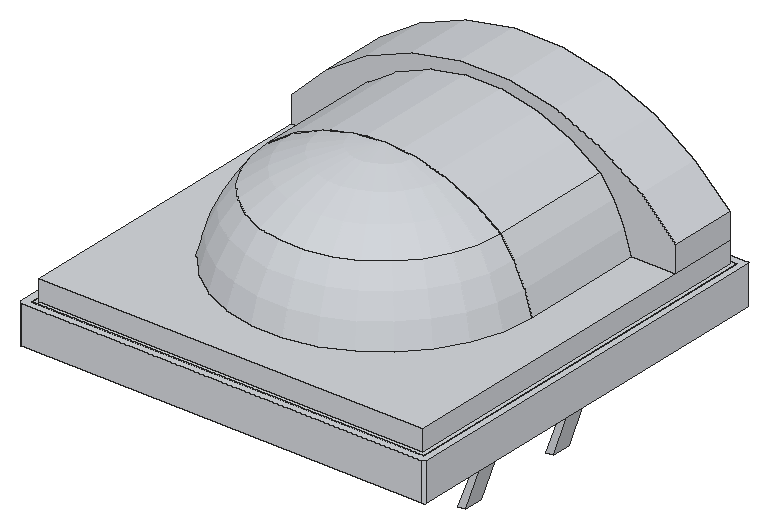
Revit family "Gira_537503", category Electrical Fixtures, host Face, Revit 2017
Family settings
  Host = Face
  Maintain Annotation Orientation = Yes
  Round Connector Dimension = Use Diameter
  Part Type = Normal
  Cut with Voids When Loaded = No
  Shared = No
  Room Calculation Point = No
Parameters (values of type "S3000 motion detec.top 2.20 m Standard System 55 p.white")
  URL = "http://katalog.gira.de/en/datenblatt.html?artikelnr=537503"
  Name = "S3000 motion detec.top 2.20 m Standard System 55 p.white"
  Model = "Movement sensor"
  Manufacturer URL = "https://www.gira.de/"
  Manufacturer = "Gira"
  Keynote = ""
  HeinzeBIM = "https://bimportal.heinze.de/bim/s3000-motion-detec-top-2-20-m-standard-system-55-p-white/e23ca67f1e0fbd2a4954b81b021c0205fb3cc433"
  HAN = "537503"
  GTIN = "4010337051145"
  Description = "S3000 mot.det.top 2.20m Std Sys55 PW,System 3000 motion detector top unit 2.20 m Standard,System 55,pure white glossy,Features:,- Automatic switching of lighting, depending on the movement of heat and ambient brightness.,- Operation with System 3000 switching or dimming insert or 3-wire auxiliary insert.,- Expansion of the detection range in combination with the 3-wire auxiliary insert.,- Adjustable brightness threshold.,- Sensitivity adjustable in four steps.,- When connecting a System 3000 auxiliary insert with an operating top unit or mechanical button to the main unit, the lighting can be switched on or dimmed for the duration of the delay time.,With System 3000 dimming insert:,- Switch on with the last brightness set, or a saved switch-on brightness.,- The switch-on brightness can only be saved permanently via the System 3000 auxiliary insert with operating top unit."
  Default Elevation = 1219.2 mm
  Data sheet (1) = "https://katalog.gira.de/en/download.html?artikelnr=537503"
  Category = "Sensor element for movement sensor"
  BIM (1) = "https://media.stage.bim.site/public/gira/36a6b08/Bewegungsmelder_2,20m.rfa"
  Available = "No"
Reference planes
  plane 1 "Center (Front/Back)": y = 0
  plane 2: z = 0
  plane 3 "Center (Left/Right)": x = 0
Forms (mm)
  Extrusion 1, solid, detail levels fine
    sketch origin (0, 0, 0) x (1, 0, 0) y (0, 0, 1)
      loop
        line (-33.25, 14.602) -> (-33.25, 10.1) -> (33.25, 10.1) -> (33.25, 14.602)
        arc (33.25, 14.602) -> (0, 30.256) -> (-33.25, 14.602) r 43.139
    from -33.25 to -21.609
  Extrusion 2, solid, detail levels fine
    sketch origin (0, 0, 0) x (1, 0, 0) y (0, 1, 0)
      loop
        line (-33.25, 33.25) -> (-33.25, -33.25) -> (33.25, -33.25) -> (33.25, 33.25) -> (-33.25, 33.25)
    from 6.6 to 10.1
  Extrusion 3, solid, detail levels fine
    sketch origin (0, 0, 0) x (1, 0, 0) y (0, 0, 1)
      loop
        arc (20.138, 21.225) -> (0, 28.457) -> (-20.138, 21.225) r 31.652
        arc (-20.138, 21.225) -> (-23.48, 15.984) -> (-25.486, 10.1) r 26.053
        line (-25.486, 10.1) -> (25.486, 10.1)
        arc (25.486, 10.1) -> (23.48, 15.984) -> (20.138, 21.225) r 26.053
    from -21.609 to 0
  Revolve 4, solid, detail levels fine
    sketch origin (0, 0, 0) x (1, 0, 0) y (0, 0, 1)
      loop
        arc (0, 28.457) -> (-10.699, 26.594) -> (-20.138, 21.225) r 31.652
        arc (-20.138, 21.225) -> (-23.48, 15.984) -> (-25.486, 10.1) r 26.053
        line (-25.486, 10.1) -> (0, 10.1) -> (0, 28.457)
      axis (0, 28.457) -> (0, 10.1)
    angle from -180 to 0
  Extrusion 5, solid, detail levels fine
    sketch origin (0, 0, 0) x (1, 0, 0) y (0, 1, 0)
      loop
        spline (-34.7, 35.2) -> (-34.765, 35.196) -> (-34.829, 35.183) -> (-34.891, 35.162) -> (-34.95, 35.133) -> (-35.004, 35.097) -> (-35.054, 35.054) -> (-35.097, 35.004) -> (-35.133, 34.95) -> (-35.162, 34.891) -> (-35.183, 34.829) -> (-35.196, 34.765) -> (-35.2, 34.7)
        line (-35.2, 34.7) -> (-35.2, -34.7)
        spline (-35.2, -34.7) -> (-35.196, -34.765) -> (-35.183, -34.829) -> (-35.162, -34.891) -> (-35.133, -34.95) -> (-35.097, -35.004) -> (-35.054, -35.054) -> (-35.004, -35.097) -> (-34.95, -35.133) -> (-34.891, -35.162) -> (-34.829, -35.183) -> (-34.765, -35.196) -> (-34.7, -35.2)
        line (-34.7, -35.2) -> (34.7, -35.2)
        spline (34.7, -35.2) -> (34.765, -35.196) -> (34.829, -35.183) -> (34.891, -35.162) -> (34.95, -35.133) -> (35.004, -35.097) -> (35.054, -35.054) -> (35.097, -35.004) -> (35.133, -34.95) -> (35.162, -34.891) -> (35.183, -34.829) -> (35.196, -34.765) -> (35.2, -34.7)
        line (35.2, -34.7) -> (35.2, 34.7)
        spline (35.2, 34.7) -> (35.196, 34.765) -> (35.183, 34.829) -> (35.162, 34.891) -> (35.133, 34.95) -> (35.097, 35.004) -> (35.054, 35.054) -> (35.004, 35.097) -> (34.95, 35.133) -> (34.891, 35.162) -> (34.829, 35.183) -> (34.765, 35.196) -> (34.7, 35.2)
        line (34.7, 35.2) -> (-34.7, 35.2)
      loop
        line (-33.986, 33.986) -> (-33.986, -33.986) -> (33.986, -33.986) -> (33.986, 33.986) -> (-33.986, 33.986)
    from 0 to 6.6
  Extrusion 6, solid, detail levels fine
    sketch origin (0, 0, 0) x (1, 0, 0) y (0, 1, 0)
      loop
        line (-33.986, 33.986) -> (-33.986, -33.986) -> (33.986, -33.986) -> (33.986, 33.986) -> (-33.986, 33.986)
    from 5 to 6.6
  Extrusion 7, solid
    sketch origin (0, 0, 0) x (1, 0, 0) y (0, 1, 0)
      loop
        line (-23.656, 22.752) -> (-23.656, -22.748)
        arc (-23.656, -22.748) -> (-23.409, -23.369) -> (-22.801, -23.65) r 0.904
        line (-22.801, -23.65) -> (22.796, -23.65)
        arc (22.796, -23.65) -> (23.404, -23.369) -> (23.656, -22.748) r 0.904
        line (23.656, -22.748) -> (23.652, 22.752)
        arc (23.652, 22.752) -> (23.404, 23.374) -> (22.796, 23.655) r 0.904
        line (22.796, 23.655) -> (-22.801, 23.655)
        arc (-22.801, 23.655) -> (-23.409, 23.374) -> (-23.656, 22.752) r 0.904
    from -3.2 to 5
  Extrusion 8, solid, detail levels fine
    sketch origin (0, 0, 0) x (1, 0, 0) y (0, 1, 0)
      loop
        line (-27.334, -25) -> (-26.366, -25) -> (-26.366, 26.298) -> (26.366, 26.298) -> (26.366, -25) -> (27.334, -25) -> (27.334, 27.402) -> (-27.334, 27.402) -> (-27.334, -25)
    from -1.1 to 5
  Extrusion 9, solid, detail levels fine
    sketch origin (0, 0, 0) x (1, 0, 0) y (0, 1, 0)
      loop
        line (-5.141, 20.682) -> (-5.141, 15.098)
        spline (-5.141, 15.098) -> (-5.133, 14.968) -> (-5.107, 14.84) -> (-5.065, 14.716) -> (-5.007, 14.599) -> (-4.935, 14.49) -> (-4.849, 14.391) -> (-4.75, 14.305) -> (-4.641, 14.233) -> (-4.524, 14.175) -> (-4.4, 14.133) -> (-4.272, 14.107) -> (-4.142, 14.099)
        line (-4.142, 14.099) -> (4.142, 14.099)
        spline (4.142, 14.099) -> (4.272, 14.107) -> (4.4, 14.133) -> (4.524, 14.175) -> (4.641, 14.233) -> (4.75, 14.305) -> (4.849, 14.391) -> (4.935, 14.49) -> (5.007, 14.599) -> (5.065, 14.716) -> (5.107, 14.84) -> (5.133, 14.968) -> (5.141, 15.098)
        line (5.141, 15.098) -> (5.141, 20.682)
        spline (5.141, 20.682) -> (5.133, 20.812) -> (5.107, 20.94) -> (5.065, 21.064) -> (5.007, 21.181) -> (4.935, 21.29) -> (4.849, 21.389) -> (4.75, 21.475) -> (4.641, 21.547) -> (4.524, 21.605) -> (4.4, 21.647) -> (4.272, 21.673) -> (4.142, 21.681)
        line (4.142, 21.681) -> (-4.142, 21.681)
        spline (-4.142, 21.681) -> (-4.272, 21.673) -> (-4.4, 21.647) -> (-4.524, 21.605) -> (-4.641, 21.547) -> (-4.75, 21.475) -> (-4.849, 21.389) -> (-4.935, 21.29) -> (-5.007, 21.181) -> (-5.065, 21.064) -> (-5.107, 20.94) -> (-5.133, 20.812) -> (-5.141, 20.682)
    from -19.6 to -3.2
  Extrusion 10, solid, detail levels fine
    sketch origin (0, 0, 0) x (1, 0, 0) y (0, 0, 1)
      loop
        line (-24.966, -3.825) -> (-25.395, -8.726) -> (-23.048, -15.543) -> (-21.665, -15.713) -> (-24.338, -8.563) -> (-23.422, -1.1) -> (-25.014, -1.1) -> (-24.966, -3.825)
      loop
        line (24.966, -3.825) -> (25.014, -1.1) -> (23.422, -1.1) -> (24.338, -8.563) -> (21.665, -15.713) -> (23.048, -15.543) -> (25.395, -8.726) -> (24.966, -3.825)
    from -11.1 to -7.9
  Extrusion 11, solid, detail levels fine
    sketch origin (0, 0, 0) x (1, 0, 0) y (0, 0, -1)
      loop
        line (-24.966, 3.825) -> (-25.014, 1.1) -> (-23.422, 1.1) -> (-24.338, 8.563) -> (-21.665, 15.713) -> (-23.048, 15.543) -> (-25.395, 8.726) -> (-24.966, 3.825)
      loop
        line (24.966, 3.825) -> (25.395, 8.726) -> (23.048, 15.543) -> (21.665, 15.713) -> (24.338, 8.563) -> (23.422, 1.1) -> (25.014, 1.1) -> (24.966, 3.825)
    from -11.1 to -7.9
  Extrusion 12, solid
    sketch origin (0, 0, 0) x (1, 0, 0) y (0, 1, 0)
      loop
        line (-23.656, 22.752) -> (-23.656, -22.748)
        arc (-23.656, -22.748) -> (-23.409, -23.369) -> (-22.801, -23.65) r 0.904
        line (-22.801, -23.65) -> (22.796, -23.65)
        arc (22.796, -23.65) -> (23.404, -23.369) -> (23.656, -22.748) r 0.904
        line (23.656, -22.748) -> (23.652, 22.752)
        arc (23.652, 22.752) -> (23.404, 23.374) -> (22.796, 23.655) r 0.904
        line (22.796, 23.655) -> (-22.801, 23.655)
        arc (-22.801, 23.655) -> (-23.409, 23.374) -> (-23.656, 22.752) r 0.904
    from -3.2 to 5
  Extrusion 13, solid, detail levels medium
    sketch origin (0, 0, 0) x (1, 0, 0) y (0, 1, 0)
      loop
        line (-35.2, 35.2) -> (-35.2, -35.2) -> (35.2, -35.2) -> (35.2, 35.2) -> (-35.2, 35.2)
    from 0 to 6.6
  Extrusion 14, solid, detail levels medium
    sketch origin (0, 0, 0) x (1, 0, 0) y (0, 1, 0)
      loop
        line (-33.25, 33.25) -> (-33.25, -33.25) -> (33.25, -33.25) -> (33.25, 33.25) -> (-33.25, 33.25)
    from 6.6 to 30.256
  Extrusion 15, solid, detail levels medium
    sketch origin (0, 0, 0) x (1, 0, 0) y (0, 1, 0)
      loop
        line (-23.656, 23.655) -> (-23.656, -23.65) -> (23.656, -23.65) -> (23.656, 23.655) -> (-23.656, 23.655)
    from -3.2 to 5
  Extrusion 16, solid, detail levels medium
    sketch origin (0, 0, 0) x (1, 0, 0) y (0, 0, 1)
      loop
        line (-25.014, -1.1) -> (-25.014, -15.713) -> (-21.665, -15.713) -> (-21.665, -1.1) -> (-25.014, -1.1)
      loop
        line (25.014, -1.1) -> (21.665, -1.1) -> (21.665, -15.713) -> (25.014, -15.713) -> (25.014, -1.1)
    from -11.1 to -7.9
  Extrusion 17, solid, detail levels medium
    sketch origin (0, 0, 0) x (1, 0, 0) y (0, 0, -1)
      loop
        line (-25.014, 1.1) -> (-21.665, 1.1) -> (-21.665, 15.713) -> (-25.014, 15.713) -> (-25.014, 1.1)
      loop
        line (25.014, 1.1) -> (25.014, 15.713) -> (21.665, 15.713) -> (21.665, 1.1) -> (25.014, 1.1)
    from -11.1 to -7.9
  Extrusion 18, solid, detail levels medium
    sketch origin (0, 0, 0) x (1, 0, 0) y (0, 1, 0)
      loop
        line (-5.141, 14.099) -> (5.141, 14.099) -> (5.141, 21.681) -> (-5.141, 21.681) -> (-5.141, 14.099)
    from -19.6 to -3.2
  Extrusion 19, solid, detail levels coarse
    sketch origin (0, 0, 0) x (1, 0, 0) y (0, 1, 0)
      loop
        line (-35.2, 35.2) -> (-35.2, -35.2) -> (35.2, -35.2) -> (35.2, 35.2) -> (-35.2, 35.2)
    from -19.6 to 30.256
Dimensions and locks
  aligned and locked: plane 2 to host face
  aligned and locked: level to host face
  aligned and locked: nested 1 to plane 3 "Center (Left/Right)"
  aligned and locked: plane 1 "Center (Front/Back)" to nested 1
Nested families
  nested 1: "Belegungssensor - Bewegung - Aufputz - Beschriftung" at (0, 0, 0) x (0, -1, 0) z (0, 0, 1), type "Belegungssensor - Bewegung - Aufputz - Beschriftung"
Connectors
  electrical at (0, 0, -19.6)
    settings: on Extrusion 19, index 1, voltage 220 V, apparent load 0 VA, apparent load phase1 0 VA, apparent load phase2 0 VA, apparent load phase3 0 VA, power factor 1, load classification "Other", number of poles 1, system type 30, power factor state 1, is connector primary yes, connector utility no, sub classification motor no, connector description ""
Definition of nested family "Belegungssensor - Bewegung - Aufputz - Beschriftung"
  Reference planes
    plane 1: y = 0
    plane 2: x = 0
  Lines and regions (mm)
    Filled region 1, type "Gefüllter Bereich 1"
      outline origin (143.425, -20.712, 0) x (1, 0, 0) y (0, 1, 0)
        loop
          line (-148.697, 21.204) -> (-148.697, 20.409) -> (-147.583, 20.807) -> (-148.697, 21.204)
    Filled region 2, type "Gefüllter Bereich 1"
      outline origin (141.808, 30.001, 0) x (0.939693, 0.34202, 0) y (-0.34202, 0.939693, 0)
        loop
          line (-148.694, 21.203) -> (-148.694, 20.41) -> (-147.583, 20.807) -> (-148.694, 21.203)
    Filled region 3, type "Gefüllter Bereich 1"
      outline origin (141.819, -29.825, 0) x (-0.34202, -0.939693, 0) y (0.939693, -0.34202, 0)
        loop
          line (21.204, -148.697) -> (20.807, -147.583) -> (20.409, -148.697) -> (21.204, -148.697)
    detail lines
      curve 1: line (-1.207, 0.095, 0) -> (-3.486, 1.411, 0)
      curve 2: line (-1.207, 0.095, 0) -> (-3.486, -1.221, 0)
      curve 5: arc (-3.252, 1.752, 0) -> (-3.839, 0.095, 0) -> (-3.252, -1.562, 0) r 2.632
      curve 6: line (-6, 3, 0) -> (0, 3, 0)
      curve 7: line (-6, -3, 0) -> (-6, 3, 0)
      curve 8: line (0, -3, 0) -> (-6, -3, 0)
      curve 9: line (0, 3, 0) -> (0, -3, 0)
    reference lines
      curve 3: line (-1.207, 0.095, 0) -> (-3.616, 2.046, 0)
      curve 4: line (-1.207, 0.095, 0) -> (-3.616, -1.856, 0)
  Dimensions and locks
    curve 1 to curve 1 = 2.632 mm
    curve 2 to curve 2 = 2.632 mm
    curve 6 to curve 8 = 6 mm
    curve 7 to curve 9 = 6 mm
    angle curve 1 to curve 2 = 60.00°
    aligned and locked: curve 6 to curve 7
    aligned and locked: curve 9 to curve 9
